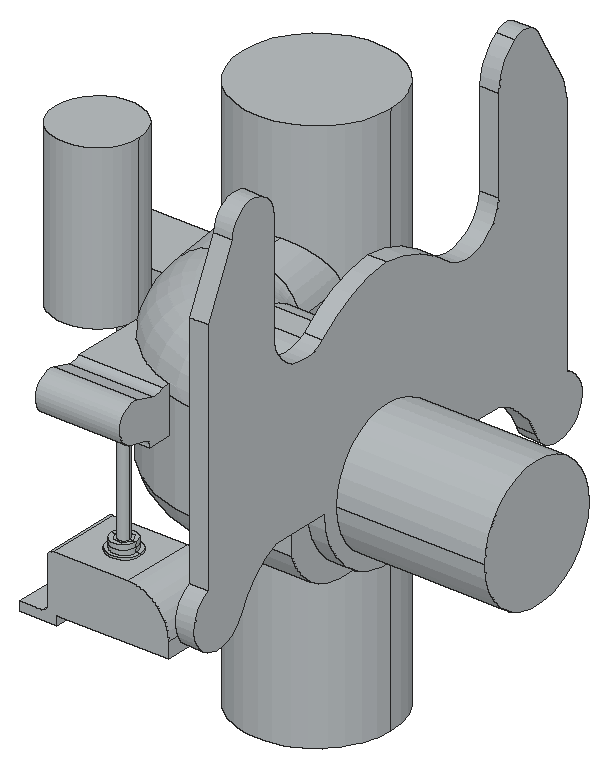
Revit family
Parameters (values of type "0410RY")
  Weight (lb) = 53.53
  Warranty = "1 year material and workmanship"
  Vent Pipe Radius = 0' - 1 1/8"
  URL = "http://www.jrsmith.com"
  Technical and Installation = "http://www.jrsmith.com/products/closet/techdata/td_index.htm"
  Subcategory = ""
  SmartBIM Object Version = 3  # constant formula
  SmartBIM Object Created By = "Reed Construction Data"  # constant formula
  Product URL = "http://www.jrsmith.com/products/closet/submittal/d0410.pdf"
  OmniClass Title = "Commercial Water Closets, Urinals, and Bidets"  # constant formula
  OmniClass Code = "22-22 42 13"  # constant formula
  No Hub = yes
  Material = Zinc
  Inlet Pipe Offset = 0' - 4"
  Inlet Pipe Radius = 0' - 1 3/4"
  Offset From Base = 0' - 9"
  Model = "0410RY"  # constant formula
  Max. Static Load = "300lb"
  Manufacturer = "Jay R. Smith Mfg. Co. "  # constant formula
  Maintenance = ""
  LEED = yes
  Vertical Pipe Radius = 0' - 2"
  Flow Rate = ""
  Description = "Compact Fixture Supports with Vertical Offset Fittings for Siphon Jet Water Closets"  # constant formula
  Default Elevation = 0' - 0"
  Caulk = yes
  Capacity = "300lb"
  Assembly Code = "D2010110"
  95 CSI = ""
  04 CSI = ""
Reference planes (in)
  plane 1 "Center (Front/Back)": y = 0
  plane 2: z = 0
  plane 3 "Center (Left/Right)": x = 0.56376
  plane 4: z = 1.075
  plane 5: z = 9
  plane 6: z = 8
  plane 7: z = 9
  plane 8: z = 10.01257
  plane 9: x = 7.68876
  plane 10: y = 3.97509
  plane 11: x = -2.70176
  plane 12: x = 11.68876
Forms (in)
  Extrusion 1, solid, material "Zinc" <- "Material"
    sketch origin (7.68876, -180, 13.62657) x (0, 0, -1) y (0, -1, 0)
      loop
        line (-0.42485, -183.71626) -> (-2.93982, -183.71626)
        arc (-2.93982, -183.71626) -> (-3.52624, -183.87718) -> (-3.99032, -184.27014) r 1.40973
        arc (-3.99032, -184.27014) -> (-4.06587, -184.7671) -> (-3.68856, -185.09922) r 0.5243
        line (-3.68856, -185.09922) -> (-2.35375, -185.86968) -> (-1.78305, -186.01929) -> (4.76581, -186.01929)
        arc (4.76581, -186.01929) -> (6.08983, -186.28265) -> (5.82647, -184.95863) r 0.81179
        arc (5.82647, -184.95863) -> (5.10718, -184.47802) -> (4.62657, -183.75873) r 2.21716
        line (4.62657, -183.75873) -> (4.62657, -182.12723)
        arc (4.62657, -182.12723) -> (6.7538, -180) -> (4.62657, -177.87277) r 2.12723
        line (4.62657, -177.87277) -> (4.62657, -176.24127)
        arc (4.62657, -176.24127) -> (5.10718, -175.52198) -> (5.82647, -175.04137) r 2.21716
        arc (5.82647, -175.04137) -> (6.09522, -173.72279) -> (4.77181, -173.96661) r 0.81179
        line (4.77181, -173.96661) -> (-1.64029, -173.96661) -> (-3.33815, -174.77644)
        arc (-3.33815, -174.77644) -> (-4.02388, -175.46217) -> (-3.33815, -176.1479) r 0.68573
        line (-3.33815, -176.1479) -> (-0.27879, -176.1479)
        arc (-0.27879, -176.1479) -> (0.52566, -176.79157) -> (0.41801, -177.8162) r 1.07384
        arc (0.41801, -177.8162) -> (-0.23606, -178.79994) -> (-0.53264, -179.94343) r 3.564
        arc (-0.53264, -179.94343) -> (-0.24621, -181.06709) -> (0.38822, -182.03773) r 3.53696
        arc (0.38822, -182.03773) -> (0.47822, -183.11751) -> (-0.42485, -183.71626) r 1.06398
    from 0 to 0.5
  Extrusion 2, solid, material "Zinc" <- "Material"
    sketch origin (-12.16664, -180, 9) x (-1, 0, 0) y (0, -1, 0)
      loop
        circle (-14.7614, -183.97509) r 2
    from -9 to 6
  Sweep 3, solid, material "Zinc" <- "Material"
    path origin (-1.875, 0, 0) x (0, 1, 0) y (0, 0, -1)
      loop
        line (-0.32431, -15) -> (-0.32431, -10.64443)
    profile origin (-1.875, -0.32431, 12.82222) x (-1, 0, 0) y (0, -1, 0)
      loop
        circle (-2, 0) r 1.125
  Sweep 4, solid, material "Zinc" <- "Material"
    path origin (-17.11704, -180, 9) x (-1, 0, 0) y (0, -1, 0)
      loop
        line (-19.53908, -184.16399) -> (-19.93279, -180.95752)
        arc (-19.93279, -180.95752) -> (-20.59264, -179.70334) -> (-21.91788, -179.20126) r 2
        line (-21.91788, -179.20126) -> (-24.30581, -179.20126)
    profile origin (2.61889, 2.56075, 9) x (0.992546, 0.121869, 0) y (0, 0, 1)
      loop
        arc (-0.23396, 3.22196) -> (-1.35657, 2.75696) -> (-1.82157, 1.63435) r 1.58761
        line (-1.82157, 1.63435) -> (-1.82157, -1)
        arc (-1.82157, -1) -> (-1.21906, -1.86238) -> (-0.23396, -2.23155) r 1.77301
        line (-0.23396, -2.23155) -> (0.38784, -2.23155)
        arc (0.38784, -2.23155) -> (1.25868, -1.87084) -> (1.61939, -1) r 1.23155
        line (1.61939, -1) -> (1.61939, 2.11568)
        arc (1.61939, 2.11568) -> (1.22022, 2.84967) -> (0.47224, 3.22196) r 1.38925
        line (0.47224, 3.22196) -> (-0.23396, 3.22196)
  Extrusion 5, solid, material "Zinc" <- "Material"
    sketch origin (5.25, -180, 13.62657) x (0, 0, -1) y (0, -1, 0)
      loop
        line (2.73446, -177.33635) -> (2.73446, -180.9449)
        arc (2.73446, -180.9449) -> (2.81715, -181.10946) -> (2.79572, -181.29237) r 0.3208
        line (2.79572, -181.29237) -> (2.66631, -181.77533)
        arc (2.66631, -181.77533) -> (2.98781, -182.3804) -> (3.614, -182.10225) r 0.50249
        line (3.614, -182.10225) -> (3.78174, -181.47623)
        arc (3.78174, -181.47623) -> (3.86567, -181.40193) -> (3.97742, -181.39305) r 0.17678
        line (3.97742, -181.39305) -> (3.97742, -176.8882)
        arc (3.97742, -176.8882) -> (3.86567, -176.87932) -> (3.78174, -176.80502) r 0.17678
        line (3.78174, -176.80502) -> (3.614, -176.179)
        arc (3.614, -176.179) -> (2.98781, -175.90085) -> (2.66631, -176.50592) r 0.50249
        line (2.66631, -176.50592) -> (2.79572, -176.98888)
        arc (2.79572, -176.98888) -> (2.81715, -177.17179) -> (2.73446, -177.33635) r 0.3208
    from 1.48957 to 3.75
  Extrusion 6, solid, material "Zinc" <- "Material"
    sketch origin (0, 0, 0) x (1, 0, 0) y (0, 0, 1)
      loop
        line (-3.22064, 9.5) -> (-3.22064, 9) -> (1.5, 9) -> (1.5, 9.5) -> (-3.22064, 9.5)
    from -5.10684 to -3.10684
  Extrusion 7, solid, material "Zinc" <- "Material"
    sketch origin (0.56376, 0, 0) x (0, 1, 0) y (0, 0, 1)
      loop
        circle (0, 9) r 1.75
    from 7.125 to 11.125
Cuts and joins
  joined: Extrusion 1, Extrusion 2, Sweep 3, Sweep 4, Extrusion 5, Extrusion 6, Extrusion 7
Dimensions and locks (in)
  locked: plane 5 to plane 6 at 1
  "Offset From Base": plane 5 to level
  locked: plane 5 to plane 8 at 1.01257
  locked: plane 3 "Center (Left/Right)" to plane 9 at 7.125
  locked: plane 5 to Extrusion 2 at 6
  locked: plane 1 "Center (Front/Back)" to plane 10 at 3.97509
  locked: plane 3 "Center (Left/Right)" to plane 11 at 3.26552
  "Inlet Pipe Offset": plane 9 to plane 12
  locked: cut or joined group of Extrusion 1, Extrusion 2, Sweep 3, Sweep 4, Extrusion 5, Extrusion 6, Extrusion 7 to plane 9 at 0.5
  "Vent Pipe Radius": radius of Sweep 3 sketch curve
  "Vertical Pipe Radius": radius of Extrusion 2 sketch curve
  "Inlet Pipe Radius": radius of Extrusion 7 sketch curve
  aligned and locked: plane 5 to plane 7
  aligned and locked: Extrusion 2 to level
  aligned and locked: plane 7 to Extrusion 1 sketch curve
  aligned and locked: Extrusion 6 sketch curve to nested 1  (x3)
  aligned and locked: plane 5 to Extrusion 6 sketch curve
  aligned and locked: cut or joined group of Extrusion 1, Extrusion 2, Sweep 3, Sweep 4, Extrusion 5, Extrusion 6, Extrusion 7 to Extrusion 6 sketch curve
  aligned and locked: Extrusion 6 to nested 1  (x2)
  aligned and locked: nested 1 to plane 11
  aligned and locked: plane 7 to Extrusion 7 sketch curve
  aligned and locked: plane 1 "Center (Front/Back)" to Extrusion 7 sketch curve
  aligned and locked: plane 9 to Extrusion 7
  aligned and locked: plane 12 to Extrusion 7
Automatic sketch dimensions
  plane 3 "Center (Left/Right)" to Extrusion 2 sketch curve = 0' - 2.03099"
  Extrusion 2 sketch curve to plane 1 "Center (Front/Back)" = 0' - 3.97509"
  Sweep 3 sketch curve to profile plane = 0' - 0"
  Sweep 3 sketch curve to profile plane = 0' - 2"
  Sweep 4 sketch curve to profile plane = 0' - 1"  (x2)
  profile plane to Sweep 4 sketch curve = 0' - 1.82157"
  profile plane to Sweep 4 sketch curve = 0' - 0.23396"  (x2)
  profile plane to Sweep 4 sketch curve = 0' - 0.13232"
  Sweep 4 sketch curve to profile plane = 0' - 0.25585"
  Sweep 4 sketch curve to profile plane = 0' - 0.38784"
  Sweep 4 sketch curve to profile plane = 0' - 0.47224"
  Sweep 4 sketch curve to Sweep 4 sketch curve = 0' - 1.23155"
  profile plane to Sweep 4 sketch curve = 0' - 1.63435"
  Sweep 4 sketch curve to Sweep 4 sketch curve = 0' - 0.21532"
  Extrusion 5 sketch curve to plane 8 = 0' - 0"  (x2)
  plane 8 to Extrusion 5 sketch curve = 0' - 0.46232"  (x2)
  Extrusion 5 sketch curve to Extrusion 5 sketch curve = 0' - 0.35595"  (x2)
  Extrusion 5 sketch curve to Extrusion 5 sketch curve = 0' - 0.06127"
  Extrusion 5 sketch curve to Extrusion 5 sketch curve = 0' - 0.12941"  (x2)
  Extrusion 5 sketch curve to Extrusion 5 sketch curve = 0' - 0.2945"  (x2)
  Extrusion 5 sketch curve to plane 8 = 0' - 0.16774"  (x2)
  Extrusion 5 sketch curve to Extrusion 5 sketch curve = 0' - 0.15309"  (x2)
  Extrusion 5 sketch curve to Extrusion 5 sketch curve = 0' - 0.04259"
  Extrusion 5 sketch curve to plane 1 "Center (Front/Back)" = 0' - 2.10225"
  Extrusion 5 sketch curve to Extrusion 5 sketch curve = 0' - 0.19686"
  Extrusion 5 sketch curve to Extrusion 5 sketch curve = 0' - 0.53762"
  Extrusion 5 sketch curve to Extrusion 5 sketch curve = 0' - 0.08839"
  Extrusion 5 sketch curve to Extrusion 5 sketch curve = 0' - 0.48296"  (x2)
  Extrusion 5 sketch curve to Extrusion 5 sketch curve = 0' - 0.12721"
  plane 1 "Center (Front/Back)" to Extrusion 5 sketch curve = 0' - 2.66365"
  Extrusion 5 sketch curve to Extrusion 5 sketch curve = 0' - 0.22026"
  Extrusion 5 sketch curve to Extrusion 5 sketch curve = 0' - 0.10069"
  Extrusion 5 sketch curve to Extrusion 5 sketch curve = 0' - 0.08318"
  Extrusion 5 sketch curve to Extrusion 5 sketch curve = 0' - 0.13005"
  plane 1 "Center (Front/Back)" to Sweep 4 sketch curve = 0' - 0.79874"
  Sweep 4 sketch curve to Sweep 4 sketch curve = 0' - 2.38793"
  Sweep 4 sketch curve to plane 1 "Center (Front/Back)" = 0' - 0.95752"
  Sweep 4 sketch curve to Sweep 4 sketch curve = 0' - 1.98509"
  plane 3 "Center (Left/Right)" to Sweep 4 sketch curve = 0' - 1.85827"
  Sweep 4 sketch curve to Sweep 4 sketch curve = 0' - 3.20647"
  plane 8 to Extrusion 1 sketch curve = 0' - 0.5962"
  Extrusion 1 sketch curve to Extrusion 1 sketch curve = 0' - 0.02622"
  Extrusion 1 sketch curve to Extrusion 1 sketch curve = 0' - 0.18644"
  Extrusion 1 sketch curve to Extrusion 1 sketch curve = 0' - 0.05448"
  plane 1 "Center (Front/Back)" to Extrusion 1 sketch curve = 0' - 0.05657"
  Extrusion 1 sketch curve to Extrusion 1 sketch curve = 0' - 0.92086"
  Extrusion 1 sketch curve to Extrusion 1 sketch curve = 0' - 0.11537"
  Extrusion 1 sketch curve to Extrusion 1 sketch curve = 0' - 0.41713"
  Extrusion 1 sketch curve to Extrusion 1 sketch curve = 0' - 0"  (x3)
  Extrusion 1 sketch curve to plane 5 = 0' - 0.13924"
  Extrusion 1 sketch curve to plane 5 = 0' - 0.14524"
  plane 6 to Extrusion 1 sketch curve = 0' - 0.11076"  (x2)
  Extrusion 1 sketch curve to plane 6 = 0' - 0.1999"  (x2)
  Extrusion 1 sketch curve to plane 6 = 0' - 1.04838"  (x2)
  Extrusion 1 sketch curve to plane 1 "Center (Front/Back)" = 0' - 2.65368"
  Extrusion 1 sketch curve to Extrusion 1 sketch curve = 0' - 0.78302"  (x2)
  Extrusion 1 sketch curve to Extrusion 1 sketch curve = 0' - 1.06258"
  Extrusion 1 sketch curve to Extrusion 1 sketch curve = 0' - 1.63149"  (x2)
  Extrusion 1 sketch curve to Extrusion 1 sketch curve = 0' - 0.55389"
  Extrusion 1 sketch curve to plane 1 "Center (Front/Back)" = 0' - 0.25407"
  Extrusion 1 sketch curve to Extrusion 1 sketch curve = 0' - 0.61077"
  plane 1 "Center (Front/Back)" to Sweep 3 sketch curve = 0' - 0.32431"
  plane 8 to Sweep 3 sketch curve = 0' - 0.63186"
  Sweep 3 sketch curve to Sweep 3 sketch curve = 0' - 4.35557"
  Extrusion 1 sketch curve to plane 1 "Center (Front/Back)" = 0' - 0"
  plane 3 "Center (Left/Right)" to Sweep 4 sketch curve = 0' - 2.25198"
  Extrusion 1 sketch curve to Extrusion 1 sketch curve = 0' - 0.95064"
  Extrusion 1 sketch curve to Extrusion 1 sketch curve = 0' - 0.86755"
  plane 1 "Center (Front/Back)" to Extrusion 1 sketch curve = 0' - 2.1838"
  Extrusion 1 sketch curve to Extrusion 1 sketch curve = 0' - 0.6968"
  Extrusion 1 sketch curve to Extrusion 1 sketch curve = 0' - 1.3615"
  Extrusion 1 sketch curve to Extrusion 1 sketch curve = 0' - 1.3582"
  plane 10 to Extrusion 1 sketch curve = 0' - 1.89459"
  Extrusion 1 sketch curve to Extrusion 1 sketch curve = 0' - 0.57071"
  Extrusion 1 sketch curve to Extrusion 1 sketch curve = 0' - 0.51499"
  Extrusion 1 sketch curve to Extrusion 1 sketch curve = 0' - 0.07107"
  Extrusion 1 sketch curve to Extrusion 1 sketch curve = 0' - 1.69786"
  plane 10 to Extrusion 1 sketch curve = 0' - 0.61269"
  plane 10 to Extrusion 1 sketch curve = 0' - 2.0442"
  Extrusion 1 sketch curve to Extrusion 1 sketch curve = 0' - 0.68573"
Nested families (in)
  nested 1: "Anchor Support" at (-0.70176, 4.10684, 0) x (0, 1, 0) z (0, 0, 1), type "Anchor Support"
    with Height 0' - 9"
Connectors (in)
  piping at (2.59476, 3.97509, 15), driven by "Vertical Pipe Radius"
    settings: on cut or joined group of Extrusion 1, Extrusion 2, Sweep 3, Sweep 4, Extrusion 5, Extrusion 6, Extrusion 7, index 6
  piping at (0.125, -0.32431, 15), driven by "Vent Pipe Radius"
    settings: on cut or joined group of Extrusion 1, Extrusion 2, Sweep 3, Sweep 4, Extrusion 5, Extrusion 6, Extrusion 7, index 7
Definition of nested family "Anchor Support"
  Parameters (values of type "Anchor Support")
    Width = 0' - 2"
    Rear Anchor Suppor = Cast Iron
    Height = 0' - 4 1/2"
    Depth = 0' - 4"
    Assembly Code = ""
  Reference planes (in)
    plane 1 "Center (Front/Back)": y = 0
    plane 2: z = 0
    plane 3 "Center (Left/Right)": x = 0
    plane 4: y = 4
    plane 5: x = -1
    plane 6: x = 1
    plane 7: y = 2
    plane 8: z = 4.5
    plane 9: z = 5
  Forms (in)
    Extrusion 1, solid, material "Cast Iron" <- "Rear Anchor Suppor"
      sketch origin (0, 0, 0) x (0, 1, 0) y (0, 0, 1)
        loop
          line (4, 0) -> (4, 0.25) -> (3.39844, 0.25)
          arc (3.39844, 0.25) -> (3.29348, 0.29348) -> (3.25, 0.39844) r 0.14844
          line (3.25, 0.39844) -> (3.25, 1.60156)
          arc (3.25, 1.60156) -> (3.20652, 1.70652) -> (3.10156, 1.75) r 0.14844
          line (3.10156, 1.75) -> (1.09144, 1.75)
          arc (1.09144, 1.75) -> (0.31968, 1.43032) -> (0, 0.65856) r 1.09144
          line (0, 0.65856) -> (0, 0.25) -> (3, 0.25) -> (3, 0) -> (4, 0)
      from -1 to 1
    Revolve 2, solid, material "Cast Iron" <- "Rear Anchor Suppor"
      sketch origin (0, 0, 0) x (0, 1, 0) y (0, 0, 1)
        loop
          line (2, 0) -> (2, 4.5) -> (1.85156, 4.5) -> (1.85156, 2.05078) -> (1.76429, 2.05078) -> (1.66862, 2.05078) -> (1.66862, 1.92783) -> (1.66862, 1.80078) -> (1.5625, 1.80078) -> (1.5625, 1.75) -> (1.85156, 1.75) -> (1.85156, 0) -> (2, 0)
        axis (2, 0) -> (2, 4.5)
      angle from 0 to 360
    Revolve 3, solid, material "Cast Iron" <- "Rear Anchor Suppor"
      sketch origin (0, 0.03263, 1.06369) x (0, 1, 0) y (0, 0, 1)
        loop
          line (1.96737, 3.93631) -> (1.96737, 4.93631) -> (1.81893, 4.93631) -> (1.81893, 4.43631) -> (1.44849, 4.43631) -> (1.44849, 4.23709) -> (1.56959, 4.23709) -> (1.56959, 4.13553) -> (1.44849, 4.13553) -> (1.44849, 3.93631) -> (1.96737, 3.93631)
        axis (1.96737, 3.93631) -> (1.96737, 4.93631)
      angle from 0 to 360
    Revolve 4, solid, material "Cast Iron" <- "Rear Anchor Suppor"
      sketch origin (0, -0.03125, 0) x (0, 1, 0) y (0, 0, 1)
        loop
          line (3.69922, 0.25) -> (3.69922, 0.53011)
          arc (3.69922, 0.53011) -> (3.63153, 0.53078) -> (3.56787, 0.50778) r 0.19087
          arc (3.56787, 0.50778) -> (3.50439, 0.448) -> (3.47412, 0.36623) r 0.19087
          arc (3.47412, 0.36623) -> (3.46522, 0.34936) -> (3.44737, 0.34261) r 0.02696
          line (3.44737, 0.34261) -> (3.41643, 0.34261) -> (3.41643, 0.25) -> (3.69922, 0.25)
        axis (3.69922, 0.25) -> (3.69922, 0.53011)
      angle from 0 to 360
  Cuts and joins
    joined: Revolve 2, Revolve 4
  Dimensions and locks (in)
    equal spacing: plane 5, plane 3 "Center (Left/Right)", plane 6
    "Width": plane 5 to plane 6
    equal spacing: plane 1 "Center (Front/Back)", plane 7, plane 4
    "Depth": plane 1 "Center (Front/Back)" to plane 4
    "Height": plane 8 to level
    locked: plane 9 to plane 8 at 0.5
    aligned and locked: plane 2 to Extrusion 1 sketch curve
    aligned and locked: plane 4 to Extrusion 1 sketch curve
    aligned and locked: Extrusion 1 to plane 5
    aligned and locked: plane 6 to Extrusion 1
    aligned and locked: plane 2 to Revolve 2 sketch curve
    aligned and locked: plane 8 to Revolve 2 sketch curve
    aligned and locked: Extrusion 1 to Revolve 2 sketch curve
    aligned and locked: Revolve 3 sketch curve to plane 9
    aligned and locked: Revolve 4 sketch curve to Extrusion 1
  Automatic sketch dimensions
    Extrusion 1 sketch curve to plane 1 "Center (Front/Back)" = 0' - 0"
    Extrusion 1 sketch curve to Extrusion 1 sketch curve = 0' - 0 19/128"  (x2)
    level to Extrusion 1 sketch curve = 0' - 0 1/4"  (x2)
    Extrusion 1 sketch curve to Extrusion 1 sketch curve = 0' - 0.40856"
    Revolve 2 sketch curve to plane 7 = 0' - 0"  (x2)
    Revolve 2 sketch curve to level = 0' - 0"
    Revolve 2 sketch curve to plane 7 = 0' - 0 19/128"  (x2)
    Revolve 2 sketch curve to Revolve 2 sketch curve = 0' - 0.18294"
    Revolve 2 sketch curve to Revolve 2 sketch curve = 0' - 0.10612"
    Revolve 2 sketch curve to Revolve 2 sketch curve = 0' - 0.6568"
    Revolve 2 sketch curve to Revolve 2 sketch curve = 0' - 0 13/256"
    Revolve 2 sketch curve to Revolve 2 sketch curve = 0' - 0 1/4"
    Revolve 2 sketch curve to Revolve 2 sketch curve = 0' - 0.08727"
    Revolve 2 sketch curve to Revolve 2 sketch curve = 0' - 0.12295"
    plane 7 to Revolve 3 sketch curve = 0' - 0"  (x2)
    Revolve 3 sketch curve to plane 7 = 0' - 0 19/128"
    Revolve 3 sketch curve to Revolve 3 sketch curve = 0' - 0.24935"
    Revolve 3 sketch curve to Revolve 3 sketch curve = 0' - 0 31/256"  (x2)
    Revolve 3 sketch curve to Revolve 3 sketch curve = 0' - 0.14083"
    Revolve 3 sketch curve to Revolve 3 sketch curve = 0' - 0 13/128"
    Revolve 3 sketch curve to Revolve 3 sketch curve = 0' - 0 51/256"
    Revolve 3 sketch curve to Revolve 3 sketch curve = 0' - 0"
    Revolve 3 sketch curve to Revolve 3 sketch curve = 0' - 0 1/2"
    Revolve 3 sketch curve to Revolve 3 sketch curve = 0' - 0.35917"
    Revolve 4 sketch curve to Revolve 4 sketch curve = 0' - 0"  (x5)
    Revolve 4 sketch curve to plane 4 = 0' - 0.61482"
    Revolve 4 sketch curve to Revolve 4 sketch curve = 0' - 0.03093"
    Revolve 4 sketch curve to Revolve 4 sketch curve = 0' - 0.02675"
    Revolve 4 sketch curve to Revolve 4 sketch curve = 0' - 0 3/32"
    Revolve 4 sketch curve to Revolve 4 sketch curve = 0' - 0.09566"
    Revolve 4 sketch curve to Revolve 4 sketch curve = 0' - 0.0357"
    Revolve 4 sketch curve to Revolve 4 sketch curve = 0' - 0.09261"  (x2)
    Revolve 4 sketch curve to Revolve 4 sketch curve = 0' - 0.01978"
    Extrusion 1 sketch curve to Extrusion 1 sketch curve = 0' - 0 1/4"
    Extrusion 1 sketch curve to plane 7 = 0' - 0.90856"
    Extrusion 1 sketch curve to plane 4 = 0' - 1"
